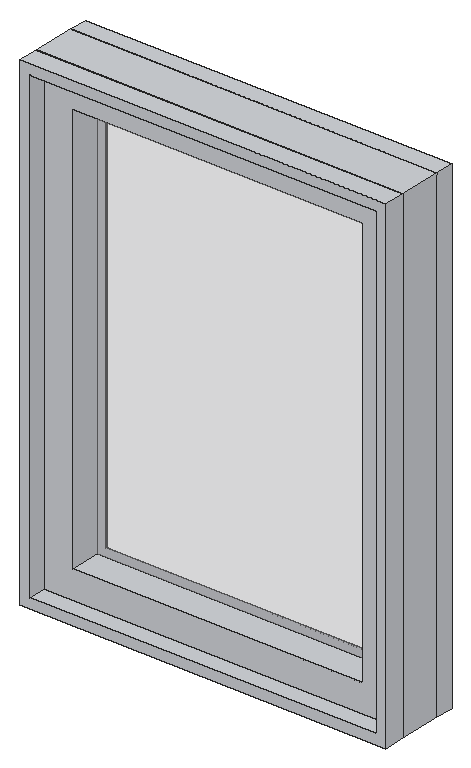
Revit family "G561_Casement_Inswing_Window-Peerless", category Windows, host Wall, Revit 2019
Family settings
  Host = Wall
  OmniClass Number = 23.30.20.00
  OmniClass Title = Windows
  Always vertical = Yes
  Cut with Voids When Loaded = No
  Shared = No
  Room Calculation Point = No
Parameters (values of type "G561 Casement Inswing 36" x 48"")
  Weight (lbs) = (((Height / 1.000") / 12) + ((Width / 1.000") / 12)) * 7  # 49
  Warranty URL = "https://smartbim-library-production.s3.amazonaws.com/manufacturers/cdf3d296-4637-4822-8528-4df1e33802a8/products/91469a85-94f5-45f9-a60f-24c51597249b/downloads/7dff4158-d18c-4702-a036-b93493c65adf/Sample%20Warranty.pdf"
  URL = "https://www.peerlessproducts.com/"
  Rough Width = Width + 0.250"  # 36.250"
  Rough Height = Height + 0.250"  # 48.250"
  Product Page URL = "https://peerlessproducts.concora.com/products/2de2a4ba-fd29-48ca-8445-f7f6e593d0c8"
  Product Data Sheet URL = "https://www.peerlessproducts.com/Portals/0/PeerlessAssets/pdf/G551-G561Casement.pdf"
  Model = "G561"  # constant formula
  Manufacturer Phone = "620-223-4610"  # constant formula
  Manufacturer Fax = "620-224-3107"  # constant formula
  Manufacturer Email = "slero@peerlessproducts.com"
  Manufacturer Address = "2403 S Main St, Fort Scott, KS 66701"  # constant formula
  Manufacturer = "Peerless Products, Inc."  # constant formula
  Height = 48.000"
  Frame Finish [instance] = none
  Description = "G561 is an ultra-performing casement inswing window used in buildings with the most stringent thermal requirements and window wall applications."  # constant formula
  Default Sill Height = 36.000"
  Wall Closure = By host
  Width = 36.000"
  Analytic Construction = "<None>"
  04 CSI = "08 50 00"  # constant formula
Reference planes (in)
  plane 1 "Center (Front/Back)": y = 0
  plane 2: z = 0
  plane 3 "Center (Left/Right)": x = 0
  plane 4 "Left": x = -18
  plane 5 "Right": x = 18
  plane 6 "Sill": z = 36
  plane 7 "Top": z = 84
Forms (in)
  Sweep 1, solid, material <- "Frame Finish"
    path origin (0, 0, 0) x (1, 0, 0) y (0, 0, 1)
      loop
        line (-18, 84) -> (-18, 36) -> (18, 36) -> (18, 84) -> (-18, 84)
    profile origin (0, 0, 84) x (0, 0, 1) y (0, -1, 0)
      loop
        line (0, -2.261) -> (0, 1.98388) -> (-0.94478, 1.98388) -> (-0.94478, 2.261) -> (-3.72603, 2.261) -> (-3.72603, -0.75157) -> (-2.76917, -0.75157) -> (-2.76917, -1.75157) -> (-3.83257, -1.75157) -> (-3.83257, -1.78239)
        arc (-3.83257, -1.78239) -> (-3.79006, -1.8104) -> (-3.7601, -1.85157) r 0.14255
        line (-3.7601, -1.85157) -> (-3.72611, -1.85157) -> (-3.72611, -1.97657) -> (-2.76917, -1.97657) -> (-2.76917, -2.261) -> (-2.25649, -2.261) -> (-2.25649, -2.12522) -> (-2.08279, -2.12522) -> (-2.08279, -2.261) -> (0, -2.261)
  Extrusion 2, solid, material "Glass - Cardinal Glass - Peerless Products"
    sketch origin (0, 0, 0) x (1, 0, 0) y (0, 0, 1)
      loop
        line (-15.23083, 81.23083) -> (-15.23083, 38.76917) -> (15.23083, 38.76917) -> (15.23083, 81.23083) -> (-15.23083, 81.23083)
    from -1.75157 to -0.75157
  Sweep 3, solid, material <- "Frame Finish"
    path origin (-18, 2.261, 84) x (1, 0, 0) y (0, 0, -1)
      loop
        line (36, 48) -> (0, 48) -> (0, 0) -> (36, 0) -> (36, 48)
    profile origin (0, 2.261, 36) x (0, 0, 1) y (0, 1, 0)
      loop
        line (0, 0) -> (0.4022, 0) -> (0.21943, 1.739) -> (0, 1.739) -> (0, 0)
  Sweep 4, solid, material <- "Frame Finish"
    path origin (-17.05522, -1.98388, 83.05522) x (1, 0, 0) y (0, 0, 1)
      loop
        line (-0.94478, -47.05522) -> (35.05522, -47.05522) -> (35.05522, 0.94478) -> (-0.94478, 0.94478) -> (-0.94478, -47.05522)
    profile origin (0, -1.98388, 36) x (0, 0, 1) y (0, -1, 0)
      loop
        line (0, 0) -> (0.94478, 0) -> (0.94478, 2.01612) -> (0, 2.01612) -> (0, 0)
Lines and regions (in)
  Opening 1
    outline origin (-60, -4, 0) x (1, 0, 0) y (0, 0, 1)
      loop
        line (42, 84) -> (42, 36) -> (78, 36) -> (78, 84) -> (42, 84)
Text (in)
  text "EXTERIOR" at (-58.6888, 50.90694, 0), in view "Ref. Level"
  text "INTERIOR" at (-58.6888, -37.76638, 0), in view "Ref. Level"
  text "Exterior" at (0, 43.65631, 123.19604), in view "Left"
  text "Exterior" at (0, 18.29385, 125.04747), in view "Right"
Dimensions and locks (in)
  equal spacing: plane 4 "Left", plane 3 "Center (Left/Right)", plane 5 "Right"
  "Width": plane 4 "Left" to plane 5 "Right"
  "Height": plane 6 "Sill" to plane 7 "Top"
  "Default Sill Height": plane 2 to plane 6 "Sill"
  aligned and locked: plane 7 "Top" to Opening 1 sketch curve
  aligned and locked: plane 6 "Sill" to Opening 1 sketch curve  (x2)
  aligned and locked: plane 5 "Right" to Opening 1 sketch curve
  aligned and locked: plane 4 "Left" to Opening 1 sketch curve
  aligned and locked: level to plane 2
  aligned and locked: Extrusion 2 to Sweep 1
  aligned and locked: import instance to plane 7 "Top"
  aligned and locked: host wall to Sweep 3 sketch curve  (x2)
  aligned and locked: Sweep 1 to Sweep 3 sketch curve
  aligned and locked: Sweep 4 sketch curve to Sweep 1  (x2)
  aligned and locked: Sweep 4 sketch curve to host wall
  aligned and locked: Sweep 1 to Sweep 4 sketch curve
Automatic sketch dimensions
  plane 5 "Right" to Sweep 1 sketch curve = 0.000"
  Sweep 1 sketch curve to plane 6 "Sill" = 0.000"
  Sweep 1 sketch curve to plane 7 "Top" = 0.000"
  plane 4 "Left" to Sweep 1 sketch curve = 0.000"
  profile plane to Sweep 1 sketch curve = 0.000"
  profile plane to Sweep 1 sketch curve = 0.94478"
  profile plane to Sweep 1 sketch curve = 2.76917"
  Sweep 1 sketch curve to Sweep 1 sketch curve = 0.95693"
  Sweep 1 sketch curve to Sweep 1 sketch curve = 0.03399"
  Sweep 1 sketch curve to Sweep 1 sketch curve = 0.28443"
  Sweep 1 sketch curve to Sweep 1 sketch curve = 0.06306"
  Sweep 1 sketch curve to Sweep 1 sketch curve = 0.125"
  Sweep 1 sketch curve to plane 1 "Center (Front/Back)" = 0.75157"
  plane 1 "Center (Front/Back)" to Sweep 1 sketch curve = 1.98388"
  plane 1 "Center (Front/Back)" to Sweep 1 sketch curve = 2.261"
  Sweep 1 sketch curve to Sweep 1 sketch curve = 0.95686"
  Sweep 1 sketch curve to Sweep 1 sketch curve = 0.05591"
  Sweep 1 sketch curve to Sweep 1 sketch curve = 0.07248"
  Sweep 1 sketch curve to Sweep 1 sketch curve = 0.03082"
  Sweep 1 sketch curve to Sweep 1 sketch curve = 0.000"  (x2)
  Sweep 1 sketch curve to Sweep 1 sketch curve = 1.03082"
  Extrusion 2 sketch curve to plane 4 "Left" = 2.76917"
  plane 7 "Top" to Extrusion 2 sketch curve = 2.76917"
  Extrusion 2 sketch curve to plane 6 "Sill" = 2.76917"
  plane 5 "Right" to Extrusion 2 sketch curve = 2.76917"
  Sweep 1 sketch curve to Sweep 1 sketch curve = 0.51268"
  Sweep 1 sketch curve to Sweep 1 sketch curve = 0.13578"
  Sweep 1 sketch curve to Sweep 1 sketch curve = 0.1737"
  Sweep 3 sketch curve to Sweep 1 = 0.000"  (x4)
  Sweep 3 sketch curve to profile plane = 0.21943"
  Sweep 3 sketch curve to Sweep 3 sketch curve = 0.18278"
  Sweep 4 sketch curve to Sweep 1 = 0.000"  (x3)
  Sweep 1 to Sweep 4 sketch curve = 0.000"
